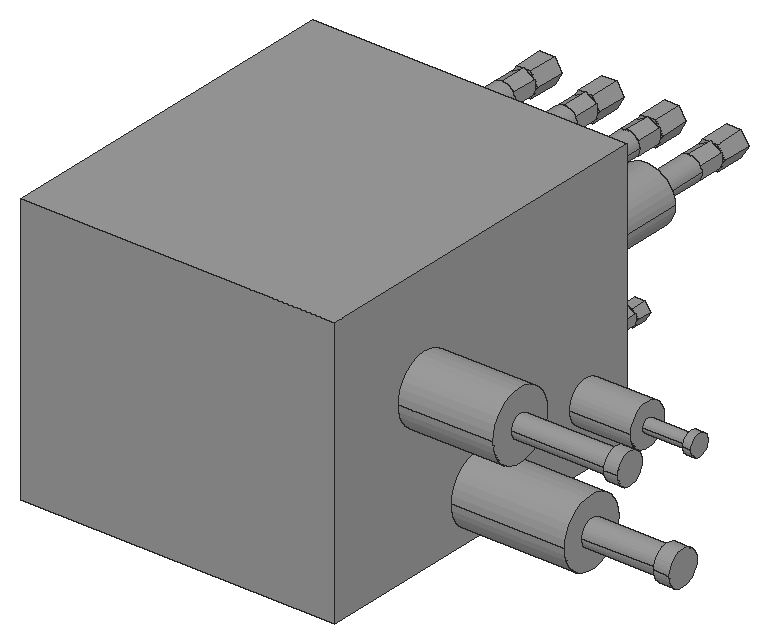
Revit family "BC_Hitachi_CH-BOX-CH-AP04MSSX_LOD200", category Equipement de génie climatique, Revit 2015
Parameters (values of type "CH-AP04MSSX")
  Refrigerant Liquid Pipe connections Diameter = 9.52 mm
  Refrigerant Gas Pipe connections Diameter = 15.88 mm
  Refrigerant Gas Low Pressure Diameter = 25.60 mm
  Refrigerant Liquid Diameter = 12.90 mm
  Rated Frequency (Hz) = "50"
  Product Code = "60292160"
  Overall Width = 303.00 mm
  Overall Height = 260.00 mm
  Overall Depth = 352.00 mm
  Nominal Voltage = 230 V
  Modèle = "Multi CH-Box"
  Mass = 14.00 kg
  Gas Diameter = 22.20 mm
  Fabricant = "Hitachi"
  Description = "Multi CH-Box 4 branches"
  Commentaires du type = "CH-AP04MSSX"
  CALC_Refrigerant Gas Right = 89.00 mm
  CALC_Refrigerant Gas Low Pressure Diameter = Refrigerant Gas Low Pressure Diameter + 15.00 mm / 2  # 33.10 mm
  CALC_Refrigerant Gas L Left = 250.00 mm
  CALC_Refrigerant Gas HL Left = 200.00 mm
  CALC_Refrigerant Gas Diameter = Refrigerant Liquid Diameter + 15.00 mm / 2  # 20.40 mm
  CALC_BOX Width = 303.00 mm
Reference planes
  plane 1 "Centre (avant/arrière)": y = 0
  plane 2: z = 0
  plane 3 "Centre (gauche/droite)": x = 0
  plane 4 "Top": z = 260
  plane 5 "Back": y = 176
  plane 6 "Front": y = -176
  plane 7 "Left": x = -303
  plane 8: z = 155
  plane 9: z = 60
  plane 10: y = 375
  plane 11: y = 262
  plane 12: x = 110
  plane 13: x = 198
  plane 14: y = -4
  plane 15: z = 42
  plane 16: z = 156
  plane 17: y = -68
  plane 18: z = 60
  plane 19: y = 126
  plane 20: x = 61.245
  plane 21: x = 175.543
  plane 22: y = -109
Forms (mm)
  Extrusion 1, solid, material "Par défaut"
    sketch origin (0, 0, 0) x (1, 0, 0) y (0, 1, 0)
      loop
        line (0, 176) -> (-303, 176) -> (-303, -176) -> (0, -176) -> (0, 176)
    from 0 to 260
  Extrusion 2, solid, material "Par défaut"
    sketch origin (0, 0, 75) x (0, 1, 0) y (0, 0, 1)
      loop
        circle (-4, -33) r 32.5
    from 0 to 110
  Extrusion 3, solid, material "Par défaut"
    sketch origin (0, 46.823, 0) x (0, 1, 0) y (0, 0, 1)
      loop
        circle (-114.823, 156) r 32.5
    from 0 to 92.169
  Extrusion 4, solid, material "Par défaut"
    sketch origin (0, 146.283, 43.123) x (0, 1, 0) y (0, 0, 1)
      loop
        circle (-20.283, 16.877) r 20
    from 0 to 59.808
  Extrusion 5, solid, material "Par défaut"
    sketch origin (151.5, 0, 0) x (0, -1, 0) y (0, 0, 1)
      loop
        circle (68, 156) r 11.1
    from -33.5 to 59.331
  Extrusion 6, solid, material "Par défaut"
    sketch origin (151.5, 0, 0) x (0, -1, 0) y (0, 0, 1)
      loop
        circle (68, 156) r 14.93
    from -46.5 to -33.5
  Extrusion 7, solid, material "Par défaut"
    sketch origin (151.5, 0, 0) x (0, -1, 0) y (0, 0, 1)
      loop
        circle (4, 42) r 12.8
    from -31.308 to 41.5
  Extrusion 8, solid, material "Par défaut"
    sketch origin (151.5, 0, 0) x (0, -1, 0) y (0, 0, 1)
      loop
        circle (4, 42) r 16.55
    from -46.5 to -31.308
  Extrusion 9, solid, material "Par défaut"
    sketch origin (151.5, 0, 0) x (0, -1, 0) y (0, 0, 1)
      loop
        circle (-126, 60) r 6.45
    from 49.363 to 91.692
  Extrusion 10, solid, material "Par défaut"
    sketch origin (151.5, 0, 0) x (0, -1, 0) y (0, 0, 1)
      loop
        circle (-126, 60) r 10.2
    from 41.5 to 49.363
Dimensions and locks
  "Overall Height": plane 4 "Top" to plane 2
  "Overall Width": plane 3 "Centre (gauche/droite)" to plane 7 "Left"
  "Overall Width": plane 7 "Left" to plane 3 "Centre (gauche/droite)"
  "Overall Depth": plane 5 "Back" to plane 6 "Front"
  equal spacing: plane 5 "Back", plane 1 "Centre (avant/arrière)", plane 6 "Front"
  plane 10 to plane 5 "Back" = 199.00 mm
  plane 11 to plane 5 "Back" = 86.00 mm
  locked: plane 7 "Left" to nested 1 at 67
  locked: plane 3 "Centre (gauche/droite)" to plane 12 at 110
  locked: plane 3 "Centre (gauche/droite)" to plane 13 at 198
  plane 5 "Back" to plane 19 = 50.00 mm
  plane 17 to plane 5 "Back" = 244.00 mm
  plane 14 to plane 5 "Back" = 180.00 mm
  plane 19 to plane 5 "Back" = 50.00 mm
  plane 16 to plane 2 = 156.00 mm
  plane 15 to plane 2 = 42.00 mm
  plane 18 to level = 60.00 mm
  plane 2 to plane 9 = 60.00 mm
  plane 2 to plane 8 = 155.00 mm
  plane 22 to plane 6 "Front" = 67.00 mm
  "Refrigerant Gas Low Pressure Diameter": diameter of Extrusion 7 sketch curve
  "CALC_Refrigerant Gas Low Pressure Diameter": diameter of Extrusion 8 sketch curve
  diameter of Extrusion 2 sketch curve = 65.00 mm
  diameter of Extrusion 6 sketch curve = 29.86 mm
  "Gas Diameter": diameter of Extrusion 5 sketch curve
  diameter of Extrusion 3 sketch curve = 65.00 mm
  "CALC_Refrigerant Gas Diameter": diameter of Extrusion 10 sketch curve
  "Refrigerant Liquid Diameter": diameter of Extrusion 9 sketch curve
  aligned and locked: level to plane 2
  aligned and locked: plane 5 "Back" to Extrusion 1 sketch curve
  aligned and locked: plane 3 "Centre (gauche/droite)" to Extrusion 1 sketch curve
  aligned and locked: Extrusion 1 sketch curve to plane 6 "Front"
  aligned and locked: plane 7 "Left" to Extrusion 1 sketch curve
  aligned and locked: plane 4 "Top" to Extrusion 1
  aligned and locked: plane 9 to nested 5
  aligned and locked: nested 5 to nested 1
  aligned and locked: Extrusion 2 to plane 3 "Centre (gauche/droite)"
  aligned and locked: plane 15 to Extrusion 2 sketch curve
  aligned and locked: plane 14 to Extrusion 2 sketch curve
  aligned and locked: plane 16 to Extrusion 3 sketch curve
  aligned and locked: plane 17 to Extrusion 3 sketch curve
  aligned and locked: plane 19 to Extrusion 4 sketch curve
  aligned and locked: plane 18 to Extrusion 4 sketch curve
  aligned and locked: plane 5 "Back" to nested 1
  aligned and locked: plane 17 to Extrusion 5 sketch curve
  aligned and locked: plane 16 to Extrusion 5 sketch curve
  aligned and locked: plane 14 to Extrusion 8 sketch curve
  aligned and locked: plane 15 to Extrusion 8 sketch curve
  aligned and locked: plane 14 to Extrusion 7 sketch curve
  aligned and locked: plane 15 to Extrusion 7 sketch curve
  aligned and locked: plane 18 to Extrusion 9 sketch curve
  aligned and locked: plane 19 to Extrusion 9 sketch curve
  aligned and locked: plane 13 to Extrusion 8
  aligned and locked: plane 13 to Extrusion 6
  aligned and locked: plane 8 to nested 1
  aligned and locked: plane 8 to nested 2
  aligned and locked: plane 8 to nested 3
  aligned and locked: plane 8 to nested 4
  aligned and locked: plane 9 to nested 6
  aligned and locked: plane 9 to nested 7
  aligned and locked: plane 9 to nested 8
Automatic sketch dimensions
  Extrusion 6 sketch curve to plane 16 = 0.00 mm
  Extrusion 6 sketch curve to plane 17 = 0.00 mm
  Extrusion 10 sketch curve to plane 9 = 0.00 mm
  Extrusion 10 sketch curve to plane 19 = 0.00 mm
  radius of Extrusion 4 sketch curve = 20.00 mm
Nested families
  nested 1: "PIPES" at (-236, 176, 155) x (0, 1, 0) z (0, 0, 1), type "PIPES"
    with CALC_Screw TOP 2 28.366 mm, CALC_Screw TOP 1 25.467 mm, CALC_Screw Diam TOP 2 12.00 mm, CALC_Screw Diam TOP 11.00 mm, CALC_Screw Diam 11.00 mm, CALC_PipeDiam2 24.00 mm, CALC_PipeDiam1 55.00 mm, CALC_Pipe L2 51.555 mm, CALC_Pipe L1 93.613 mm
  nested 2: "PIPES" at (-176, 176, 155) x (0, 1, 0) z (0, 0, 1), type "PIPES"
    with CALC_Screw TOP 2 28.366 mm, CALC_Screw TOP 1 25.467 mm, CALC_Screw Diam TOP 2 12.00 mm, CALC_Screw Diam TOP 11.00 mm, CALC_Screw Diam 11.00 mm, CALC_PipeDiam2 24.00 mm, CALC_PipeDiam1 55.00 mm, CALC_Pipe L2 51.555 mm, CALC_Pipe L1 93.613 mm
  nested 3: "PIPES" at (-116, 176, 155) x (0, 1, 0) z (0, 0, 1), type "PIPES"
    with CALC_Screw TOP 2 28.366 mm, CALC_Screw TOP 1 25.467 mm, CALC_Screw Diam TOP 2 12.00 mm, CALC_Screw Diam TOP 11.00 mm, CALC_Screw Diam 11.00 mm, CALC_PipeDiam2 24.00 mm, CALC_PipeDiam1 55.00 mm, CALC_Pipe L2 51.555 mm, CALC_Pipe L1 93.613 mm
  nested 4: "PIPES" at (-56, 176, 155) x (0, 1, 0) z (0, 0, 1), type "PIPES"
    with CALC_Screw TOP 2 28.366 mm, CALC_Screw TOP 1 25.467 mm, CALC_Screw Diam TOP 2 12.00 mm, CALC_Screw Diam TOP 11.00 mm, CALC_Screw Diam 11.00 mm, CALC_PipeDiam2 24.00 mm, CALC_PipeDiam1 55.00 mm, CALC_Pipe L2 51.555 mm, CALC_Pipe L1 93.613 mm
  nested 5: "PIPES" at (-236, 176, 60) x (0, 1, 0) z (0, 0, 1), type "PIPES"
    with CALC_Screw TOP 2 15.179 mm, CALC_Screw TOP 1 12.708 mm, CALC_Screw Diam TOP 2 8.50 mm, CALC_Screw Diam TOP 0.00 mm, CALC_Screw Diam 8.00 mm, CALC_PipeDiam2 16.50 mm, CALC_PipeDiam1 17.00 mm, CALC_Pipe L2 1.975 mm, CALC_Pipe L1 56.139 mm
  nested 6: "PIPES" at (-176, 176, 60) x (0, 1, 0) z (0, 0, 1), type "PIPES"
    with CALC_Screw TOP 2 15.179 mm, CALC_Screw TOP 1 12.708 mm, CALC_Screw Diam TOP 2 8.50 mm, CALC_Screw Diam TOP 0.00 mm, CALC_Screw Diam 8.00 mm, CALC_PipeDiam2 16.50 mm, CALC_PipeDiam1 17.00 mm, CALC_Pipe L2 1.975 mm, CALC_Pipe L1 56.139 mm
  nested 7: "PIPES" at (-116, 176, 60) x (0, 1, 0) z (0, 0, 1), type "PIPES"
    with CALC_Screw TOP 2 15.179 mm, CALC_Screw TOP 1 12.708 mm, CALC_Screw Diam TOP 2 8.50 mm, CALC_Screw Diam TOP 0.00 mm, CALC_Screw Diam 8.00 mm, CALC_PipeDiam2 16.50 mm, CALC_PipeDiam1 17.00 mm, CALC_Pipe L2 1.975 mm, CALC_Pipe L1 56.139 mm
  nested 8: "PIPES" at (-56, 176, 60) x (0, 1, 0) z (0, 0, 1), type "PIPES"
    with CALC_Screw TOP 2 15.179 mm, CALC_Screw TOP 1 12.708 mm, CALC_Screw Diam TOP 2 8.50 mm, CALC_Screw Diam TOP 0.00 mm, CALC_Screw Diam 8.00 mm, CALC_PipeDiam2 16.50 mm, CALC_PipeDiam1 17.00 mm, CALC_Pipe L2 1.975 mm, CALC_Pipe L1 56.139 mm
Connectors
  piping at (198, -68, 156), diameter 22.2, driven by "Gas Diameter"
    settings: on Extrusion 6, index 1, connector inside diameter 609.6 mm, connector length 0.00 mm, flow factor 0, pipe flow 0.0 L/s, pressure drop 0.0 Pa, fitting loss kfactor 0, connector angle 0.00°, fixture units 0, engagement length 0.00 mm, angle of deflection 0.00°, flow configuration 0, flow direction 0, fitting loss method 0, system type 22, joint type 0, gender type 0, connector reference index -1, connector utility 0, adjustable connector no, is connector primary yes, connector description "Refrigerant gas High/Low Pressure"
  piping at (198, -4, 42), diameter 25.6, driven by "Refrigerant Gas Low Pressure Diameter"
    settings: on Extrusion 8, index 2, connector inside diameter 609.6 mm, connector length 0.00 mm, flow factor 0, pipe flow 0.0 L/s, pressure drop 0.0 Pa, fitting loss kfactor 0, connector angle 0.00°, fixture units 0, engagement length 0.00 mm, angle of deflection 0.00°, flow configuration 0, flow direction 0, fitting loss method 0, system type 22, joint type 0, gender type 0, connector reference index -1, connector utility 0, adjustable connector no, is connector primary no, connector description "Refrigerant gas Low Pressure"
  piping at (110, 126, 60), diameter 12.9, driven by "Refrigerant Liquid Diameter"
    settings: on Extrusion 10, index 3, connector inside diameter 609.6 mm, connector length 0.00 mm, flow factor 0, pipe flow 0.0 L/s, pressure drop 0.0 Pa, fitting loss kfactor 0, connector angle 0.00°, fixture units 0, engagement length 0.00 mm, angle of deflection 0.00°, flow configuration 0, flow direction 0, fitting loss method 0, system type 22, joint type 0, gender type 0, connector reference index -1, connector utility 0, adjustable connector no, is connector primary no, connector description "Refrigerant Liquid"
  piping at (-56, 375, 155), diameter 15.88, driven by "Refrigerant Gas Pipe connections Diameter"
    settings: on nested 4, index 4, connector inside diameter 609.6 mm, connector length 0.00 mm, flow factor 0, pipe flow 0.0 L/s, pressure drop 0.0 Pa, fitting loss kfactor 0, connector angle 0.00°, fixture units 0, engagement length 0.00 mm, angle of deflection 0.00°, flow configuration 0, flow direction 0, fitting loss method 0, system type 22, joint type 0, gender type 0, connector reference index -1, connector utility 0, adjustable connector no, is connector primary no, connector description "Refrigerant Gas Pipe D"
  piping at (-116, 375, 155), diameter 15.88, driven by "Refrigerant Gas Pipe connections Diameter"
    settings: on nested 3, index 5, connector inside diameter 609.6 mm, connector length 0.00 mm, flow factor 0, pipe flow 0.0 L/s, pressure drop 0.0 Pa, fitting loss kfactor 0, connector angle 0.00°, fixture units 0, engagement length 0.00 mm, angle of deflection 0.00°, flow configuration 0, flow direction 0, fitting loss method 0, system type 22, joint type 0, gender type 0, connector reference index -1, connector utility 0, adjustable connector no, is connector primary no, connector description "Refrigerant Gas Pipe C"
  piping at (-176, 375, 155), diameter 15.88, driven by "Refrigerant Gas Pipe connections Diameter"
    settings: on nested 2, index 6, connector inside diameter 609.6 mm, connector length 0.00 mm, flow factor 0, pipe flow 0.0 L/s, pressure drop 0.0 Pa, fitting loss kfactor 0, connector angle 0.00°, fixture units 0, engagement length 0.00 mm, angle of deflection 0.00°, flow configuration 0, flow direction 0, fitting loss method 0, system type 22, joint type 0, gender type 0, connector reference index -1, connector utility 0, adjustable connector no, is connector primary no, connector description "Refrigerant Gas Pipe B"
  piping at (-236, 375, 155), diameter 15.88, driven by "Refrigerant Gas Pipe connections Diameter"
    settings: on nested 1, index 7, connector inside diameter 609.6 mm, connector length 0.00 mm, flow factor 0, pipe flow 0.0 L/s, pressure drop 0.0 Pa, fitting loss kfactor 0, connector angle 0.00°, fixture units 0, engagement length 0.00 mm, angle of deflection 0.00°, flow configuration 0, flow direction 0, fitting loss method 0, system type 22, joint type 0, gender type 0, connector reference index -1, connector utility 0, adjustable connector no, is connector primary no, connector description "Refrigerant Gas Pipe A"
  piping at (-236, 262, 60), diameter 9.52, driven by "Refrigerant Liquid Pipe connections Diameter"
    settings: on nested 5, index 8, connector inside diameter 609.6 mm, connector length 0.00 mm, flow factor 0, pipe flow 0.0 L/s, pressure drop 0.0 Pa, fitting loss kfactor 0, connector angle 0.00°, fixture units 0, engagement length 0.00 mm, angle of deflection 0.00°, flow configuration 0, flow direction 0, fitting loss method 0, system type 22, joint type 0, gender type 0, connector reference index -1, connector utility 0, adjustable connector no, is connector primary no, connector description "Refrigerant Liquid Pipe A"
  piping at (-176, 262, 60), diameter 9.52, driven by "Refrigerant Liquid Pipe connections Diameter"
    settings: on nested 6, index 9, connector inside diameter 609.6 mm, connector length 0.00 mm, flow factor 0, pipe flow 0.0 L/s, pressure drop 0.0 Pa, fitting loss kfactor 0, connector angle 0.00°, fixture units 0, engagement length 0.00 mm, angle of deflection 0.00°, flow configuration 0, flow direction 0, fitting loss method 0, system type 22, joint type 0, gender type 0, connector reference index -1, connector utility 0, adjustable connector no, is connector primary no, connector description "Refrigerant Liquid Pipe B"
  piping at (-116, 262, 60), diameter 9.52, driven by "Refrigerant Liquid Pipe connections Diameter"
    settings: on nested 7, index 10, connector inside diameter 609.6 mm, connector length 0.00 mm, flow factor 0, pipe flow 0.0 L/s, pressure drop 0.0 Pa, fitting loss kfactor 0, connector angle 0.00°, fixture units 0, engagement length 0.00 mm, angle of deflection 0.00°, flow configuration 0, flow direction 0, fitting loss method 0, system type 22, joint type 0, gender type 0, connector reference index -1, connector utility 0, adjustable connector no, is connector primary no, connector description "Refrigerant Liquid Pipe C"
  piping at (-56, 262, 60), diameter 9.52, driven by "Refrigerant Liquid Pipe connections Diameter"
    settings: on nested 8, index 11, connector inside diameter 609.6 mm, connector length 0.00 mm, flow factor 0, pipe flow 0.0 L/s, pressure drop 0.0 Pa, fitting loss kfactor 0, connector angle 0.00°, fixture units 0, engagement length 0.00 mm, angle of deflection 0.00°, flow configuration 0, flow direction 0, fitting loss method 0, system type 22, joint type 0, gender type 0, connector reference index -1, connector utility 0, adjustable connector no, is connector primary no, connector description "Refrigerant Liquid Pipe D"
Definition of nested family "PIPES"
  Parameters (values of type "PIPES")
    Material Screw = none
    Material Pipe = none
    Default Elevation = 1219.20 mm
    CALC_Screw TOP 2 [instance] = 70.00 mm
    CALC_Screw TOP 1 [instance] = 107.333 mm
    CALC_Screw Diam TOP 2 [instance] = 25.00 mm
    CALC_Screw Diam TOP [instance] = 35.00 mm
    CALC_Screw Diam [instance] = 15.00 mm
    CALC_PipeDiam2 [instance] = 20.00 mm
    CALC_PipeDiam1 [instance] = 30.00 mm
    CALC_Pipe L2 [instance] = 75.447 mm
    CALC_Pipe L1 [instance] = 38.00 mm
    CALC_Angle Screw = 120.00°
  Reference planes
    plane 1 "Centre (avant/arrière)": y = 0
    plane 2: z = 0
    plane 3 "Centre (gauche/droite)": x = 0
    plane 4: x = 38
    plane 5: x = 220.781
    plane 6: x = 290.781
    plane 7: x = 113.447
  Forms (mm)
    Extrusion 1, solid, material <- "Material Pipe"
      sketch origin (0, 0, 0) x (0, 1, 0) y (0, 0, 1)
        loop
          circle (0, 0) r 15
      from 0 to 38
    Extrusion 2, solid, material <- "Material Screw"
      sketch origin (0, 0, 0) x (0, 1, 0) y (0, 0, 1)
        loop
          line (0, 17.321) -> (-15, 8.66) -> (-15, -8.66) -> (0, -17.321) -> (15, -8.66) -> (15, 8.66) -> (0, 17.321)
      from 113.447 to 220.781
    Extrusion 3, solid, material <- "Material Screw"
      sketch origin (0, 0, 0) x (0, 1, 0) y (0, 0, 1)
        loop
          line (28.868, 0) -> (14.434, 25) -> (-14.434, 25) -> (-28.868, 0) -> (-14.434, -25) -> (14.434, -25) -> (28.868, 0)
      from 220.781 to 290.781
    Extrusion 4, solid, material <- "Material Pipe"
      sketch origin (0, 0, 0) x (0, 1, 0) y (0, 0, 1)
        loop
          circle (0, 0) r 10
      from 38 to 113.447
  Dimensions and locks
    "CALC_Screw Diam": Extrusion 2 sketch curve to plane 1 "Centre (avant/arrière)"  (x5)
    "CALC_Screw Diam": plane 1 "Centre (avant/arrière)" to Extrusion 2 sketch curve
    "CALC_Screw Diam TOP 2": Extrusion 3 sketch curve to plane 1 "Centre (avant/arrière)"  (x5)
    "CALC_Screw Diam TOP 2": Extrusion 3 sketch curve to plane 2
    "CALC_Pipe L1": plane 3 "Centre (gauche/droite)" to plane 4
    "CALC_Pipe L2": plane 4 to plane 7
    "CALC_Screw TOP 1": plane 7 to plane 5
    "CALC_Screw TOP 2": plane 5 to plane 6
    "CALC_PipeDiam1": diameter of Extrusion 1 sketch curve
    "CALC_PipeDiam2": diameter of Extrusion 4 sketch curve
    "CALC_Angle Screw": angle Extrusion 2 sketch curve to Extrusion 2 sketch curve  (x3)
    "CALC_Angle Screw": angle Extrusion 3 sketch curve to Extrusion 3 sketch curve  (x3)
    aligned and locked: level to plane 2
    aligned and locked: Extrusion 3 to plane 6
    aligned and locked: plane 5 to Extrusion 3
    aligned and locked: Extrusion 2 to plane 5
    aligned and locked: plane 4 to Extrusion 1
    aligned and locked: plane 4 to Extrusion 4
    aligned and locked: Extrusion 4 to plane 7
    aligned and locked: plane 7 to Extrusion 2
  Automatic sketch dimensions
    Extrusion 1 sketch curve to level = 0.00 mm
    Extrusion 1 sketch curve to plane 1 "Centre (avant/arrière)" = 0.00 mm
    Extrusion 2 sketch curve to plane 1 "Centre (avant/arrière)" = 0.00 mm
    Extrusion 3 sketch curve to level = 0.00 mm
    Extrusion 4 sketch curve to level = 0.00 mm
    Extrusion 4 sketch curve to plane 1 "Centre (avant/arrière)" = 0.00 mm
